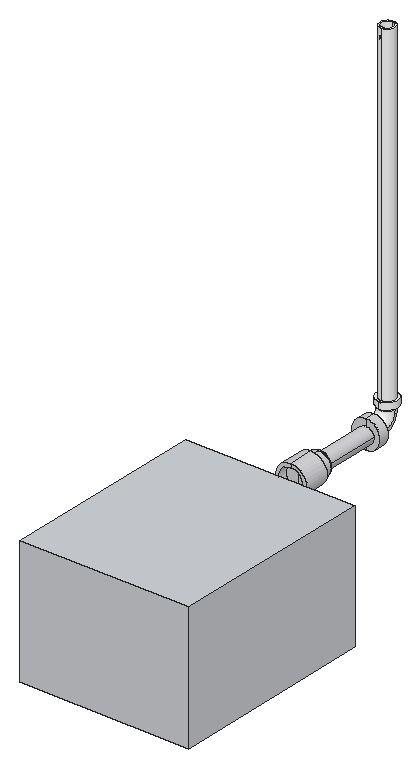
Revit family "IS-CO01-211 CONEXION POSTERIOR SANITARIO", category Aparatos sanitarios, Revit 2018
Family settings
  Anfitrión = Cara
  Cota de conector redondo = Diámetro de uso
  Tipo de pieza = Normal
  Número OmniClass = 23.31.11.00
  Corte con vacíos al cargar = No
  Compartido = No
  Punto de cálculo de habitación = No
Parameters (values of type "IS-CO01-211")
  Waste Water Outlet = ""
  PVC Blanco = PVC Blanco
  Link Ficha Tecnica = "http://infotecnica.gricol.com/FT_ISCO01211.pdf"
  Conexión de residuos = 1 = 0  # no
  Conexión de ventilación = 1 = 0  # no
  URL = "https://www.gricol.com/"
  Imagen de tipo = Conexionposterior_540x.png
  Product Name = "CONEXION POSTERIOR SANITARIO"  # constant formula
  Tuerca = 75.0 mm
  Plastico ABS Cromado = Plastico - ABS Cromado
  Model = "IS-CO01-211\r"  # constant formula
  Fabricante = "Gricol"  # constant formula
  Conexión AC = 1 = 1  # yes
  Descripción = "Conexion"  # constant formula
  Default Elevation = 0.0 mm
  Date Modified = ""
  Date Created = "05/28/2020"  # constant formula
  Copyright = "All rights reserved © Gricol - 2020."  # constant formula
  CW Connection = 1 = 1  # yes
  Assembly Code = ""
  Ancho = 287.8 mm
  Alto = 857.0 mm
Reference planes
  plane 1 "Center (Front/Back)": y = 0
  plane 2: z = 0
  plane 3 "Center (Left/Right)": x = 0
  plane 4: x = -143.9
  plane 5: x = 143.9
  plane 6: y = 287.8
  plane 7: y = 50.1
Forms (mm)
  Extrusion 1, solid
    sketch origin (0, 0, 0) x (1, 0, 0) y (0, 1, 0)
      loop
        line (-254.108, 0) -> (-254.108, -499.118) -> (153.394, -499.118) -> (153.394, 0) -> (-254.108, 0)
    from 0 to -304.8
Dimensions and locks
  "Ancho": plane 6 to plane 1 "Center (Front/Back)"
  plane 6 to plane 7 = 237.7 mm
  "Alto": nested 1 to level
  nested 1 to nested 1 = 75.0 mm
  aligned and locked: plane 2 to Extrusion 1
  aligned and locked: level to Extrusion 1
Automatic sketch dimensions
  Extrusion 1 sketch curve to Extrusion 1 sketch curve = 407.502 mm
  Extrusion 1 sketch curve to Extrusion 1 sketch curve = 499.118 mm
Nested families
  nested 1: "CONEXION POSTERIOR SANITARIO" at (0, 0, -0.016), type "CONEXION POSTERIOR SANITARIO"
Definition of nested family "CONEXION POSTERIOR SANITARIO"
  Parameters (values of type "CONEXION POSTERIOR SANITARIO")
    Weight Net (Kg) = "6.60Kg"
    Waste Connection = no
    Vent Connection = no
    Type Comments = ""
    Tuerca Empaque = none
    Tubo de desgue = none
    Cacucho = none
    Nominal width = "370"
    Nominal height = "130"
    Model = ""
    Manufacturer = ""
    Keynote = ""
    HW Connection = no
    Cuerpo roscado = none
    Cost = 0
    Tuerca Tubo = none
    CW Connection = no
    Boton = none
  Reference planes
    plane 1 "Center (Front/Back)": y = 0
    plane 2 "med": z = 0
    plane 3 "Center (Left/Right)": x = 0
    plane 4 "12": z = 857.016
    plane 5 "20": y = 287.8
    plane 6 "21": y = 50.1
    plane 7: x = -37.5
    plane 8: x = 37.5
  Forms (mm)
    Revolve 1, solid
      sketch origin (0, 0, -424.844) x (0, -1, 0) y (0, 0, -1)
        loop
          line (0, -453.61) -> (-20, -453.61) -> (-20, -424.844) -> (-87.074, -424.844) -> (-87.074, -450.203)
          arc (-87.074, -450.203) -> (-86.076, -452.612) -> (-83.667, -453.61) r 3.407
          line (-83.667, -453.61) -> (-60.456, -453.61) -> (-60.456, -462.344) -> (0, -462.344) -> (0, -453.61)
        axis (0, -424.844) -> (-87.074, -424.844)
      angle from 0 to 360
    Extrusion 2, solid
      sketch origin (-301.728, -597.721, 1508.192) x (-1, 0, 0) y (0, 0, -1)
        loop
          circle (-301.728, 1508.176) r 19
      from -684.79 to -822.721
    Revolve 3, solid
      sketch origin (0, 0, -423.594) x (0, -1, 0) y (0, 0, -1)
        loop
          line (-225, -424.86) -> (-248.2, -424.86) -> (-248.2, -459.11) -> (-225, -459.11) -> (-225, -424.86)
        axis (-225, -424.86) -> (-248.2, -424.86)
      angle from 0 to 360
    Revolve 4, solid
      sketch origin (0, 0, -424.844) x (0, -1, 0) y (0, 0, -1)
        loop
          line (-289.621, -479.371) -> (-289.621, -464.371) -> (-314.621, -464.371) -> (-314.621, -479.371) -> (-289.621, -479.371)
        axis (-289.621, -464.371) -> (-289.621, -479.371)
      angle from 0 to 360
    Sweep 5, solid
      path origin (0, 0, -424.844) x (0, -1, 0) y (0, 0, -1)
        loop
          line (-248.2, -424.86) -> (-252.8, -424.86)
          arc (-252.8, -424.86) -> (-277.549, -435.111) -> (-287.8, -459.86) r 35
          line (-287.8, -459.86) -> (-287.8, -464.371)
      profile origin (0, 287.8, 37.272) x (0, -1, 0) y (1, 0, 0)
        loop
          circle (0, 0) r 20
    Revolve 6, solid
      sketch origin (0, 0, -424.844) x (0, 1, 0) y (0, 0, 1)
        loop
          line (289.621, 479.371) -> (307.462, 479.371) -> (307.462, 1281.86) -> (303.542, 1281.86) -> (303.542, 1251.86) -> (289.621, 1251.86) -> (289.621, 479.371)
        axis (289.621, 479.371) -> (289.621, 1281.86)
      angle from 0 to 360
  Dimensions and locks
    plane 4 "12" to level = 857.016 mm  (x2)
    locked: plane 5 "20" to plane 6 "21" at 237.7
    plane 5 "20" to plane 1 "Center (Front/Back)" = 287.8 mm  (x2)
    locked: plane 7 to plane 8 at 75
    plane 7 to plane 3 "Center (Left/Right)" = 37.5 mm
    Revolve 1 sketch curve to level = 37.5 mm
    aligned and locked: level to plane 2 "med"
